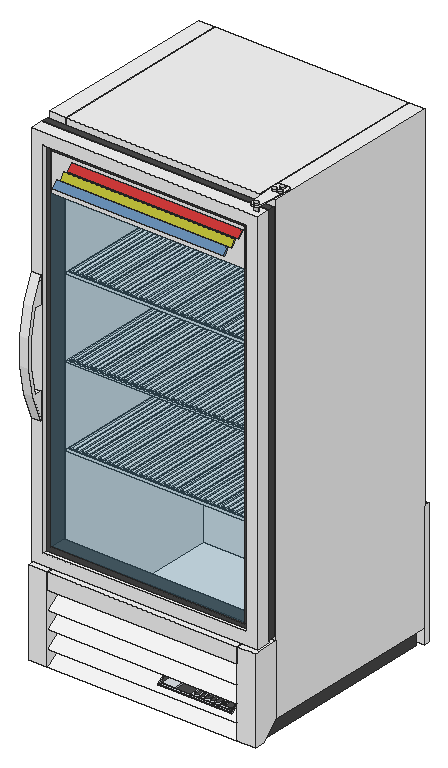
Revit family "QF_TRUE_GDM-10F-HC~TSL01", category Specialty Equipment, Revit 2016
Family settings
  Part Type = Normal
  Round Connector Dimension = Use Diameter
  Work Plane-Based = No
  Always vertical = Yes
  Cut with Voids When Loaded = No
  Shared = No
  Room Calculation Point = No
Parameters
  Weight in Pounds = 235
  Watts = Volts * FL Amps  # 517.5 W
  Volts = 115 V
  URL Cutsheet = ""
  Specification by User = ""
  Specification by Manufacturer = ""
  Show Logo [instance] = yes
  Show Default Legs [instance] = not(Show 2.5 Inches Legs)  # yes
  Show Clearance [instance] = yes
  Show 2.5 Inches Legs [instance] = no
  Serial Number = ""
  Seismic Rating = ""
  SMACNA No = ""
  Revision Code = ""
  Phase = 1
  Number of Poles = 1
  NAFEM Spec ID Number = ""
  Model = "GDM-10F-HC~TSL01"
  Min Ckt Ampacity = 0 A
  Max Overcurrent Protection = 0 A
  Materials and Finishes [instance] = QF_Plastic - White - Smooth
  Masterspec = ""
  Manufacturer = "TRUE"
  Length = 24 13/16"
  Item Number = ""
  Installed By = ""
  Identify Quantity as Lot = yes
  Height [instance] = Body Height + Base Height  # 53 3/8"
  HP = "1/2"
  Furnished By = ""
  Foodservice Equipment Identifier = yes
  FL Amps = 4.5 A
  Electrical Remarks = ""
  Electric Connection Type = ""
  Elec Conn RI Height = 0"
  Elec Conn Connection Height = 0"
  Description = "SWING DOOR FREEZER WITH HYDROCARBON REFRIGERANT-TRUE STANDARD LOOK VERSION 01"
  Depth = 25 1/32"
  Cycle = 60 Hz
  Conn Plug = "NEMA 5-15P"
  Conn Conduit = yes
  CSI MasterFormat = ""
  Body Height [instance] = 53 3/16"  # constant formula
  Base Height [instance] = if(Show 2.5 Inches Legs, 2 1/2", 3/16")  # 3/16"
  Apparent Power = 0 VA
Reference planes (in)
  plane 1 "BACK": y = 0
  plane 2: z = 0
  plane 3 "LEFT": x = 0
  plane 4 "RIGHT": x = 24.8125
  plane 5 "FRONT": y = -25.03125
  plane 6 "TOP": z = 53.375
  plane 7 "Center Y": x = 12.40625
  plane 8 "Center X": y = -12.51562
  plane 9: y = -0.53125
  plane 10: y = -23.40625
  plane 11: y = -25.09375
  plane 12: y = -46.625
  plane 13: z = 0.1875
Forms (in)
  Revolve 1, solid, material "QF_Plastic - Black - Smooth", visible <- "Show 2.5 Inches Legs"
    sketch origin (0, -1.625, 0) x (1, 0, 0) y (0, 0, 1)
      loop
        line (2, 0) -> (2, 2.5) -> (1.48188, 2.5) -> (1.48188, 0.1875) -> (1.22535, 0.1875) -> (1.22535, 0) -> (2, 0)
      axis (2, 0) -> (2, 2.5)
    angle from 0 to 360
  Revolve 2, solid, material "QF_Plastic - Black - Smooth", visible <- "Show 2.5 Inches Legs"
    sketch origin (20.8125, -1.625, 0) x (1, 0, 0) y (0, 0, 1)
      loop
        line (2, 0) -> (2, 2.5) -> (1.48188, 2.5) -> (1.48188, 0.1875) -> (1.22535, 0.1875) -> (1.22535, 0) -> (2, 0)
      axis (2, 0) -> (2, 2.5)
    angle from 0 to 360
  Revolve 3, solid, material "QF_Plastic - Black - Smooth", visible <- "Show 2.5 Inches Legs"
    sketch origin (0, -21.375, 0) x (1, 0, 0) y (0, 0, 1)
      loop
        line (2, 0) -> (2, 2.5) -> (1.48188, 2.5) -> (1.48188, 0.1875) -> (1.22535, 0.1875) -> (1.22535, 0) -> (2, 0)
      axis (2, 0) -> (2, 2.5)
    angle from 0 to 360
  Revolve 4, solid, material "QF_Plastic - Black - Smooth", visible <- "Show 2.5 Inches Legs"
    sketch origin (20.8125, -21.375, 0) x (1, 0, 0) y (0, 0, 1)
      loop
        line (2, 0) -> (2, 2.5) -> (1.48188, 2.5) -> (1.48188, 0.1875) -> (1.22535, 0.1875) -> (1.22535, 0) -> (2, 0)
      axis (2, 0) -> (2, 2.5)
    angle from 0 to 360
  Revolve 5, solid, material "QF_Plastic - Black - Smooth", visible <- "Show 2.5 Inches Legs", not visible
    sketch origin (0, -1.625, 0) x (1, 0, 0) y (0, 0, 1)
      loop
        line (2, 0) -> (2, 2.5) -> (1.48188, 2.5) -> (1.48188, 0.1875) -> (1.22535, 0.1875) -> (1.22535, 0) -> (2, 0)
      axis (2, 0) -> (2, 2.5)
    angle from 0 to 360
  Revolve 6, solid, material "QF_Plastic - Black - Smooth", visible <- "Show 2.5 Inches Legs", not visible
    sketch origin (20.8125, -1.625, 0) x (1, 0, 0) y (0, 0, 1)
      loop
        line (2, 0) -> (2, 2.5) -> (1.48188, 2.5) -> (1.48188, 0.1875) -> (1.22535, 0.1875) -> (1.22535, 0) -> (2, 0)
      axis (2, 0) -> (2, 2.5)
    angle from 0 to 360
  Revolve 7, solid, material "QF_Plastic - Black - Smooth", visible <- "Show 2.5 Inches Legs", not visible
    sketch origin (0, -21.375, 0) x (1, 0, 0) y (0, 0, 1)
      loop
        line (2, 0) -> (2, 2.5) -> (1.48188, 2.5) -> (1.48188, 0.1875) -> (1.22535, 0.1875) -> (1.22535, 0) -> (2, 0)
      axis (2, 0) -> (2, 2.5)
    angle from 0 to 360
  Revolve 8, solid, material "QF_Plastic - Black - Smooth", visible <- "Show 2.5 Inches Legs", not visible
    sketch origin (20.8125, -21.375, 0) x (1, 0, 0) y (0, 0, 1)
      loop
        line (2, 0) -> (2, 2.5) -> (1.48188, 2.5) -> (1.48188, 0.1875) -> (1.22535, 0.1875) -> (1.22535, 0) -> (2, 0)
      axis (2, 0) -> (2, 2.5)
    angle from 0 to 360
Dimensions and locks (in)
  equal spacing: plane 3 "LEFT", plane 7 "Center Y", plane 4 "RIGHT"
  "Length": plane 3 "LEFT" to plane 4 "RIGHT"
  equal spacing: plane 5 "FRONT", plane 8 "Center X", plane 1 "BACK"
  "Depth": plane 5 "FRONT" to plane 1 "BACK"
  "Body Height": plane 6 "TOP" to plane 13
  plane 4 "RIGHT" to plane 3 "LEFT" = 24 13/16"
  plane 9 to plane 1 "BACK" = 17/32"
  plane 10 to plane 9 = 22 7/8"
  plane 5 "FRONT" to plane 10 = 1 5/8"
  plane 5 "FRONT" to plane 1 "BACK" = 25 1/32"
  plane 12 to plane 1 "BACK" = 46 5/8"
  "Base Height": plane 13 to level
  aligned and locked: level to plane 2
  aligned and locked: nested 1 to plane 13
Automatic sketch dimensions
  Revolve 1 sketch curve to Revolve 1 sketch curve = 0.51812"
  Revolve 1 sketch curve to Revolve 1 sketch curve = 0"  (x2)
  Revolve 1 sketch curve to Revolve 1 sketch curve = 1.02446"
  Revolve 2 sketch curve to Revolve 2 sketch curve = 0.25653"
  Revolve 2 sketch curve to Revolve 2 sketch curve = 0.51812"
  Revolve 2 sketch curve to Revolve 2 sketch curve = 0"  (x2)
  Revolve 2 sketch curve to Revolve 2 sketch curve = 1.02446"
  Revolve 3 sketch curve to Revolve 3 sketch curve = 0.51812"
  Revolve 3 sketch curve to Revolve 3 sketch curve = 0"  (x2)
  Revolve 3 sketch curve to Revolve 3 sketch curve = 1.02446"
  Revolve 4 sketch curve to Revolve 4 sketch curve = 0.25653"
  Revolve 4 sketch curve to Revolve 4 sketch curve = 0.51812"
  Revolve 4 sketch curve to Revolve 4 sketch curve = 0"  (x2)
  Revolve 4 sketch curve to Revolve 4 sketch curve = 1.02446"
  Revolve 1 sketch curve to Revolve 1 sketch curve = 0.25653"
  Revolve 1 sketch curve to Revolve 1 sketch curve = 3/16"
  Revolve 1 sketch curve to Revolve 1 sketch curve = 2 5/16"
  Revolve 2 sketch curve to Revolve 2 sketch curve = 3/16"
  Revolve 2 sketch curve to Revolve 2 sketch curve = 2 5/16"
  Revolve 3 sketch curve to Revolve 3 sketch curve = 0.25653"
  Revolve 3 sketch curve to Revolve 3 sketch curve = 3/16"
  Revolve 3 sketch curve to Revolve 3 sketch curve = 2 5/16"
  Revolve 4 sketch curve to Revolve 4 sketch curve = 3/16"
  Revolve 4 sketch curve to Revolve 4 sketch curve = 2 5/16"
  Revolve 5 sketch curve to Revolve 5 sketch curve = 0.51812"
  Revolve 5 sketch curve to Revolve 5 sketch curve = 0"  (x2)
  Revolve 5 sketch curve to Revolve 5 sketch curve = 1.02446"
  Revolve 6 sketch curve to Revolve 6 sketch curve = 0.25653"
  Revolve 6 sketch curve to Revolve 6 sketch curve = 0.51812"
  Revolve 6 sketch curve to Revolve 6 sketch curve = 0"  (x2)
  Revolve 6 sketch curve to Revolve 6 sketch curve = 1.02446"
  Revolve 7 sketch curve to Revolve 7 sketch curve = 0.51812"
  Revolve 7 sketch curve to Revolve 7 sketch curve = 0"  (x2)
  Revolve 7 sketch curve to Revolve 7 sketch curve = 1.02446"
  Revolve 8 sketch curve to Revolve 8 sketch curve = 0.25653"
  Revolve 8 sketch curve to Revolve 8 sketch curve = 0.51812"
  Revolve 8 sketch curve to Revolve 8 sketch curve = 0"  (x2)
  Revolve 8 sketch curve to Revolve 8 sketch curve = 1.02446"
  Revolve 5 sketch curve to Revolve 5 sketch curve = 0.25653"
  Revolve 5 sketch curve to Revolve 5 sketch curve = 3/16"
  Revolve 5 sketch curve to Revolve 5 sketch curve = 2 5/16"
  Revolve 6 sketch curve to Revolve 6 sketch curve = 3/16"
  Revolve 6 sketch curve to Revolve 6 sketch curve = 2 5/16"
  Revolve 7 sketch curve to Revolve 7 sketch curve = 0.25653"
  Revolve 7 sketch curve to Revolve 7 sketch curve = 3/16"
  Revolve 7 sketch curve to Revolve 7 sketch curve = 2 5/16"
  Revolve 8 sketch curve to Revolve 8 sketch curve = 3/16"
  Revolve 8 sketch curve to Revolve 8 sketch curve = 2 5/16"
Nested families (in)
  nested 1: "GDM-10F-HC-TSL01" at (0, 0, 0), Show Clearance <- "Show Clearance", Show Default Legs <- "Show Default Legs", Show Logo <- "Show Logo", Materials and Finishes <- "Materials and Finishes", type "GDM-10F-HC-TSL01"
    with Show Logo yes, Show Default Legs yes, Show Clearance yes
Connectors (in)
  electrical at (12.40625, 0.125, 6.1875), driven by "Volts", driven by "Watts"
    settings: on nested 1, index 1, voltage 115 V, apparent load 517.5 VA, apparent load phase1 0 VA, apparent load phase2 0 VA, apparent load phase3 0 VA, power factor 1, load classification "Other", number of poles 1, system type 30, power factor state 1, is connector primary yes, connector utility no, sub classification motor no, connector description "ELECTRICAL CONNECTION"
Definition of nested family "GDM-10F-HC-TSL01"
  Parameters (values of type "GDM-10F-HC-TSL01")
    Weight in Pounds = 0
    Watts = 0 W
    Volts = 0 V
    URL Cutsheet = ""
    Specification by User = ""
    Specification by Manufacturer = ""
    Show Logo [instance] = yes
    Show Default Legs [instance] = yes
    Show Clearance [instance] = yes
    Serial Number = ""
    Seismic Rating = ""
    SMACNA No = ""
    Revision Code = ""
    Phase = 0
    Number of Poles = 1
    NAFEM Spec ID Number = ""
    Model = ""
    Min Ckt Ampacity = 0 A
    Max Overcurrent Protection = 0 A
    Materials and Finishes [instance] = none
    Masterspec = ""
    Manufacturer = ""
    Length = 24 13/16"
    Item Number = ""
    Installed By = ""
    Identify Quantity as Lot = yes
    Height = 53 3/8"
    HP = ""
    Furnished By = ""
    Foodservice Equipment Identifier = yes
    FL Amps = 0 A
    Electrical Remarks = ""
    Electric Connection Type = ""
    Elec Conn RI Height = 0"
    Elec Conn Connection Height = 0"
    Description = ""
    Depth = 25 1/32"
    Cycle = 0 Hz
    Conn Plug = ""
    Conn Conduit = yes
    CSI MasterFormat = ""
    Apparent Power = 0 VA
  Reference planes (in)
    plane 1 "BACK": y = 0
    plane 2: z = 0
    plane 3 "LEFT": x = 0
    plane 4 "RIGHT": x = 24.8125
    plane 5 "FRONT": y = -25.03125
    plane 6 "TOP": z = 53.375
    plane 7 "Center Y": x = 12.40625
    plane 8 "Center X": y = -12.51562
    plane 9: y = -0.53125
    plane 10: y = -23.40625
    plane 11: y = -25.09375
    plane 12: z = 10.5
    plane 13: z = 2.375
    plane 14: z = 10.5
    plane 15: y = -46.625
    plane 16: y = -46.625
    plane 17: z = 0.1875
  Forms (in)
    Extrusion 1, solid
      sketch origin (0.03125, -23.4375, 65.50979) x (0, 0, 1) y (1, 0, 0)
        loop
          line (-13.96984, 23.53125) -> (-54.00979, 23.53125) -> (-54.00979, 1.21875) -> (-13.96984, 1.21875) -> (-13.96984, 23.53125)
        loop
          line (-14.46984, 23.03125) -> (-53.50979, 23.03125) -> (-53.50979, 1.71875) -> (-14.46984, 1.71875) -> (-14.46984, 23.03125)
      from 2.25251 to 0.5
    Extrusion 2, solid, material <- "Materials and Finishes"
      sketch origin (0.03125, -23.4375, 65.50979) x (0, 0, 1) y (1, 0, 0)
        loop
          line (-55.25979, -0.03125) -> (-12.71984, -0.03125) -> (-12.71984, 24.78125) -> (-55.25979, 24.78125) -> (-55.25979, -0.03125)
        loop
          line (-13.96984, 23.53125) -> (-54.00979, 23.53125) -> (-54.00979, 1.21875) -> (-13.96984, 1.21875) -> (-13.96984, 23.53125)
      from 1.50251 to 0.03125
    Extrusion 3, solid
      sketch origin (0.03125, -23.4375, 65.50979) x (0, 0, 1) y (1, 0, 0)
        loop
          line (-13.96984, 23.53125) -> (-54.00979, 23.53125) -> (-54.00979, 1.21875) -> (-13.96984, 1.21875) -> (-13.96984, 23.53125)
        loop
          line (-13.71984, 23.78125) -> (-54.25979, 23.78125) -> (-54.25979, 0.96875) -> (-13.71984, 0.96875) -> (-13.71984, 23.78125)
      from 2.25251 to 2.5625
    Extrusion 4, solid, material <- "Materials and Finishes"
      sketch origin (0.03125, 2.9375, 12.89062) x (0, 1, 0) y (0, 0, 1)
        loop
          line (-3.46875, 39.39932) -> (-5.125, 39.39932) -> (-5.125, -9.51562) -> (-23.8125, -9.51562) -> (-23.8125, -10.51562) -> (-3.46875, -10.51562) -> (-3.46875, 39.39932)
      from 1.75 to 23
    Extrusion 5, solid, material <- "Materials and Finishes"
      sketch origin (0.03125, 2.9375, 12.89062) x (0, -1, 0) y (0, 0, 1)
        loop
          line (23.8125, 40.39932) -> (3.46875, 40.39932) -> (3.46875, -10.51562) -> (23.8125, -10.51562) -> (23.8125, 40.39932)
      from 0.03125 to -1.75
    Extrusion 6, solid, material <- "Materials and Finishes"
      sketch origin (0, -0.0625, -1.8125) x (0, 1, 0) y (0, 0, 1)
        loop
          line (-0.46875, 2.5) -> (0.0625, 2.5) -> (0.0625, 16.1875) -> (-0.46875, 16.1875) -> (-0.46875, 2.5)
      from 0 to 24.8125
    Extrusion 7, solid, material <- "Materials and Finishes"
      sketch origin (0, 0.46875, 0.375) x (0, 1, 0) y (0, 0, 1)
        loop
          line (-21.34375, 9.625) -> (-24.20354, 9.625) -> (-24.20354, 0.3125) -> (-23.03125, 0.3125) -> (-21.34375, 2) -> (-21.34375, 9.625)
      from 0 to 2
    Extrusion 8, solid
      sketch origin (0, 0.46875, 0.375) x (0, 1, 0) y (0, 0, 1)
        loop
          line (-23.03125, 0.3125) -> (-23.03125, -0.1875) -> (-1, -0.1875) -> (-1, 2) -> (-21.34375, 2) -> (-23.03125, 0.3125)
      from 0.98361 to 23.82889
    Extrusion 9, solid, material <- "Materials and Finishes"
      sketch origin (2, 0.46875, 0.375) x (0, 1, 0) y (0, 0, 1)
        loop
          line (-24.20354, 9.625) -> (-24.20354, 7.875) -> (-21.40384, 7.875) -> (-24.20354, 5.88192) -> (-23.74627, 5.88192) -> (-21.34375, 7.61566) -> (-21.34375, 9.625) -> (-24.20354, 9.625)
        loop
          line (-21.34375, 6.04694) -> (-24.20354, 4.01463) -> (-23.74627, 4.01463) -> (-21.34375, 5.74837) -> (-21.34375, 6.04694)
        loop
          line (-21.34375, 3.88108) -> (-21.34375, 4.17966) -> (-24.20354, 2.11927) -> (-23.78927, 2.11927) -> (-21.34375, 3.88108)
        loop
          line (-21.34375, 2.37289) -> (-24.20354, 0.3125) -> (-23.03125, 0.3125) -> (-21.34375, 2) -> (-21.34375, 2.37289)
      from 0 to 20.8125
    Extrusion 10, solid
      sketch origin (0.03125, -22.9375, 65.50979) x (0, 0, -1) y (1, 0, 0)
        loop
          line (14.12609, 1.71875) -> (53.50979, 1.71875) -> (53.50979, 23.03125) -> (14.12609, 23.03125) -> (14.12609, 1.71875)
      from 0 to -0.125
    Extrusion 11, solid, visible <- "Show Clearance", detail levels coarse
      sketch origin (23.15625, -23.4375, 10.5) x (0, -1, 0) y (-1, 0, 0)
        loop
          line (-0.03125, -1.65625) -> (23.1875, -1.65625)
          arc (23.1875, -1.65625) -> (16.70099, 15.54381) -> (-0.03125, 23.15625) r 24.08186
          line (-0.03125, 23.15625) -> (-0.03125, -1.65625)
      from 0.25 to -42.28994
    Extrusion 12, solid, material <- "Materials and Finishes"
      sketch origin (24.78125, 2.9375, 12.89062) x (0, -1, 0) y (0, 0, -1)
        loop
          line (23.8125, -40.39932) -> (23.8125, 10.51562) -> (3.46875, 10.51562) -> (3.46875, -40.39932) -> (23.8125, -40.39932)
      from 0.03125 to -1.75
    Extrusion 13, solid
      sketch origin (0.03125, -21.96624, 65.50979) x (0, 0, 1) y (1, 0, 0)
        loop
          line (-55.00979, -0.03125) -> (-12.71984, -0.03125) -> (-12.71984, 24.78125) -> (-55.00979, 24.78125) -> (-55.00979, -0.03125)
        loop
          line (-13.96984, 23.53125) -> (-53.75979, 23.53125) -> (-53.75979, 1.21875) -> (-13.96984, 1.21875) -> (-13.96984, 23.53125)
      from 0.78125 to 0.03125
    Extrusion 14, solid, material <- "Materials and Finishes"
      sketch origin (24.8125, 0.46875, 0.375) x (0, 1, 0) y (0, 0, -1)
        loop
          line (-21.34375, -9.625) -> (-21.34375, -2) -> (-23.03125, -0.3125) -> (-24.20354, -0.3125) -> (-24.20354, -9.625) -> (-21.34375, -9.625)
      from 0 to 2
    Extrusion 15, solid
      sketch origin (0.35938, 0, 0) x (1, 0, 0) y (0, 1, 0)
        loop
          circle (23.55974, -22.48479) r 0.25
      from 10 to 53.44619
    Revolve 16, solid, visible <- "Show Default Legs"
      sketch origin (2, 0.46875, 0) x (0, 1, 0) y (0, 0, 1)
        loop
          line (-21.84375, 0) -> (-21.84375, 0.1875) -> (-22.6184, 0.1875) -> (-22.6184, 0) -> (-21.84375, 0)
        axis (-21.84375, 0) -> (-21.84375, 0.1875)
      angle from 0 to 360
    Revolve 17, solid, visible <- "Show Default Legs"
      sketch origin (2, 20.21875, 0) x (0, 1, 0) y (0, 0, 1)
        loop
          line (-21.84375, 0) -> (-21.84375, 0.1875) -> (-22.6184, 0.1875) -> (-22.6184, 0) -> (-21.84375, 0)
        axis (-21.84375, 0) -> (-21.84375, 0.1875)
      angle from 0 to 360
    Revolve 18, solid, visible <- "Show Default Legs"
      sketch origin (22.8125, 0.46875, 0) x (0, 1, 0) y (0, 0, -1)
        loop
          line (-21.84375, 0) -> (-22.6184, 0) -> (-22.6184, -0.1875) -> (-21.84375, -0.1875) -> (-21.84375, 0)
        axis (-21.84375, 0) -> (-21.84375, -0.1875)
      angle from 0 to 360
    Revolve 19, solid, visible <- "Show Default Legs"
      sketch origin (22.8125, 20.21875, 0) x (0, 1, 0) y (0, 0, -1)
        loop
          line (-21.84375, 0) -> (-22.6184, 0) -> (-22.6184, -0.1875) -> (-21.84375, -0.1875) -> (-21.84375, 0)
        axis (-21.84375, 0) -> (-21.84375, -0.1875)
      angle from 0 to 360
    Extrusion 20, solid, not visible
      sketch origin (-6.9261, -177.0625, 34.29306) x (-1, 0, 0) y (0, -1, 0)
        loop
          line (-8.70735, -174.875) -> (-8.70735, -156.1875) -> (-29.95735, -156.1875) -> (-29.95735, -174.875) -> (-8.70735, -174.875)
        loop
          line (-8.95735, -174.625) -> (-8.95735, -156.375) -> (-29.70735, -156.375) -> (-29.70735, -174.625) -> (-8.95735, -174.625)
      from 0 to 0.25
    Extrusion 21, solid, not visible
      sketch origin (0.23437, 2.9375, 7.80869) x (1, 0, 0) y (0, 0, 1)
        loop
          circle (10.17187, 26.73438) r 0.125
        loop
          circle (9.67187, 26.73438) r 0.125
        loop
          circle (9.17187, 26.73438) r 0.125
        loop
          circle (8.67187, 26.73438) r 0.125
        loop
          circle (8.17187, 26.73438) r 0.125
        loop
          circle (7.67187, 26.73438) r 0.125
        loop
          circle (7.17187, 26.73438) r 0.125
        loop
          circle (6.67187, 26.73438) r 0.125
        loop
          circle (6.17187, 26.73438) r 0.125
        loop
          circle (5.67187, 26.73438) r 0.125
        loop
          circle (5.17187, 26.73438) r 0.125
        loop
          circle (4.67187, 26.73438) r 0.125
        loop
          circle (4.17187, 26.73438) r 0.125
        loop
          circle (3.67187, 26.73438) r 0.125
        loop
          circle (3.17187, 26.73438) r 0.125
        loop
          circle (2.67187, 26.73438) r 0.125
        loop
          circle (2.17187, 26.73438) r 0.125
        loop
          circle (10.67187, 26.73438) r 0.125
        loop
          circle (11.17187, 26.73438) r 0.125
        loop
          circle (11.67187, 26.73438) r 0.125
        loop
          circle (12.17188, 26.73438) r 0.125
        loop
          circle (14.17188, 26.73438) r 0.125
        loop
          circle (14.67188, 26.73438) r 0.125
        loop
          circle (15.17188, 26.73438) r 0.125
        loop
          circle (15.67188, 26.73438) r 0.125
        loop
          circle (16.17188, 26.73438) r 0.125
        loop
          circle (16.67188, 26.73438) r 0.125
        loop
          circle (17.17188, 26.73438) r 0.125
        loop
          circle (17.67188, 26.73438) r 0.125
        loop
          circle (18.17188, 26.73438) r 0.125
        loop
          circle (18.67188, 26.73438) r 0.125
        loop
          circle (19.17188, 26.73438) r 0.125
        loop
          circle (19.67188, 26.73438) r 0.125
        loop
          circle (20.17188, 26.73438) r 0.125
        loop
          circle (20.67188, 26.73438) r 0.125
        loop
          circle (21.17188, 26.73438) r 0.125
        loop
          circle (21.67188, 26.73438) r 0.125
        loop
          circle (22.17188, 26.73438) r 0.125
        loop
          circle (13.67188, 26.73438) r 0.125
        loop
          circle (13.17188, 26.73438) r 0.125
        loop
          circle (12.67188, 26.73438) r 0.125
      from 5.125 to 23.625
    Extrusion 22, solid, material <- "Materials and Finishes"
      sketch origin (4.31688, 2.875, 17.80556) x (1, 0, 0) y (0, 1, 0)
        loop
          arc (19.40165, -21.39984) -> (19.03744, -21.55726) -> (18.90258, -21.93042) r 0.5
          line (18.90258, -21.93042) -> (19.11273, -25.35979)
          arc (19.11273, -25.35979) -> (19.6118, -25.82921) -> (20.11086, -25.35979) r 0.5
          line (20.11086, -25.35979) -> (20.32101, -21.93042)
          arc (20.32101, -21.93042) -> (20.18615, -21.55726) -> (19.82195, -21.39984) r 0.5
          line (19.82195, -21.39984) -> (19.40165, -21.39984)
      from 35.48438 to 35.56944
    Extrusion 23, solid
      sketch origin (4.30731, 2.875, 17.80556) x (1, 0, 0) y (0, 1, 0)
        loop
          circle (19.6118, -21.78078) r 0.25
        loop
          circle (19.30218, -22.51019) r 0.25
        loop
          circle (19.92141, -22.51019) r 0.25
      from 35.48438 to 35.64063
    Extrusion 24, solid
      sketch origin (0.75, -20.8125, -26.58506) x (-1, 0, 0) y (0, 0, 1)
        loop
          line (-1, 77.625) -> (-22.3125, 77.625) -> (-22.3125, 73.375) -> (-1, 73.375) -> (-1, 77.625)
      from -0.37249 to -2.125
    Extrusion 25, solid
      sketch origin (0.75, -22.9375, -25.33506) x (1, 0, 0) y (0, 0, 1)
        loop
          line (2.10165, 73.75) -> (20.84375, 73.75) -> (21.22761, 74.75) -> (2.48552, 74.75) -> (2.10165, 73.75)
      from 0 to 0.03125
    Extrusion 26, solid
      sketch origin (0.75, -22.9375, -26.33506) x (1, 0, 0) y (0, 0, 1)
        loop
          line (3.30123, 76.875) -> (2.91736, 75.875) -> (21.64348, 75.875) -> (22.02734, 76.875) -> (3.30123, 76.875)
      from 0 to 0.03125
    Extrusion 27, solid
      sketch origin (0.75, -22.9375, -24.33506) x (1, 0, 0) y (0, 0, 1)
        loop
          line (1.28594, 71.625) -> (20.02239, 71.625) -> (20.40625, 72.625) -> (1.66981, 72.625) -> (1.28594, 71.625)
      from 0 to 0.03125
    Extrusion 28, solid, material <- "Materials and Finishes"
      sketch origin (20.40625, -69.74366, 53.28994) x (0, 1, 0) y (-1, 0, 0)
        loop
          line (69.21241, -2.625) -> (69.21241, 18.625) -> (48.86866, 18.625) -> (48.86866, -2.625) -> (69.21241, -2.625)
      from 0 to -1
    Extrusion 29, solid
      sketch origin (-6.9261, -177.0625, 37.9675) x (-1, 0, 0) y (0, -1, 0)
        loop
          line (-8.70735, -174.875) -> (-8.70735, -156.1875) -> (-29.95735, -156.1875) -> (-29.95735, -174.875) -> (-8.70735, -174.875)
        loop
          line (-8.95735, -174.625) -> (-8.95735, -156.375) -> (-29.70735, -156.375) -> (-29.70735, -174.625) -> (-8.95735, -174.625)
      from 0 to 0.25
    Extrusion 30, solid
      sketch origin (0.23437, 2.9375, 11.48312) x (1, 0, 0) y (0, 0, 1)
        loop
          circle (10.17187, 26.73438) r 0.125
        loop
          circle (9.67187, 26.73438) r 0.125
        loop
          circle (9.17187, 26.73438) r 0.125
        loop
          circle (8.67187, 26.73438) r 0.125
        loop
          circle (8.17187, 26.73438) r 0.125
        loop
          circle (7.67187, 26.73438) r 0.125
        loop
          circle (7.17187, 26.73438) r 0.125
        loop
          circle (6.67187, 26.73438) r 0.125
        loop
          circle (6.17187, 26.73438) r 0.125
        loop
          circle (5.67187, 26.73438) r 0.125
        loop
          circle (5.17187, 26.73438) r 0.125
        loop
          circle (4.67187, 26.73438) r 0.125
        loop
          circle (4.17187, 26.73438) r 0.125
        loop
          circle (3.67187, 26.73438) r 0.125
        loop
          circle (3.17187, 26.73438) r 0.125
        loop
          circle (2.67187, 26.73438) r 0.125
        loop
          circle (2.17187, 26.73438) r 0.125
        loop
          circle (10.67187, 26.73438) r 0.125
        loop
          circle (11.17187, 26.73438) r 0.125
        loop
          circle (11.67187, 26.73438) r 0.125
        loop
          circle (12.17188, 26.73438) r 0.125
        loop
          circle (14.17188, 26.73438) r 0.125
        loop
          circle (14.67188, 26.73438) r 0.125
        loop
          circle (15.17188, 26.73438) r 0.125
        loop
          circle (15.67188, 26.73438) r 0.125
        loop
          circle (16.17188, 26.73438) r 0.125
        loop
          circle (16.67188, 26.73438) r 0.125
        loop
          circle (17.17188, 26.73438) r 0.125
        loop
          circle (17.67188, 26.73438) r 0.125
        loop
          circle (18.17188, 26.73438) r 0.125
        loop
          circle (18.67188, 26.73438) r 0.125
        loop
          circle (19.17188, 26.73438) r 0.125
        loop
          circle (19.67188, 26.73438) r 0.125
        loop
          circle (20.17188, 26.73438) r 0.125
        loop
          circle (20.67188, 26.73438) r 0.125
        loop
          circle (21.17188, 26.73438) r 0.125
        loop
          circle (21.67188, 26.73438) r 0.125
        loop
          circle (22.17188, 26.73438) r 0.125
        loop
          circle (13.67188, 26.73438) r 0.125
        loop
          circle (13.17188, 26.73438) r 0.125
        loop
          circle (12.67188, 26.73438) r 0.125
      from 5.125 to 23.625
    Extrusion 31, solid
      sketch origin (-6.9261, -177.0625, 29.27) x (-1, 0, 0) y (0, -1, 0)
        loop
          line (-8.70735, -174.875) -> (-8.70735, -156.1875) -> (-29.95735, -156.1875) -> (-29.95735, -174.875) -> (-8.70735, -174.875)
        loop
          line (-8.95735, -174.625) -> (-8.95735, -156.375) -> (-29.70735, -156.375) -> (-29.70735, -174.625) -> (-8.95735, -174.625)
      from 0 to 0.25
    Extrusion 32, solid
      sketch origin (0.23437, 2.9375, 2.78562) x (1, 0, 0) y (0, 0, 1)
        loop
          circle (10.17187, 26.73438) r 0.125
        loop
          circle (9.67187, 26.73438) r 0.125
        loop
          circle (9.17187, 26.73438) r 0.125
        loop
          circle (8.67187, 26.73438) r 0.125
        loop
          circle (8.17187, 26.73438) r 0.125
        loop
          circle (7.67187, 26.73438) r 0.125
        loop
          circle (7.17187, 26.73438) r 0.125
        loop
          circle (6.67187, 26.73438) r 0.125
        loop
          circle (6.17187, 26.73438) r 0.125
        loop
          circle (5.67187, 26.73438) r 0.125
        loop
          circle (5.17187, 26.73438) r 0.125
        loop
          circle (4.67187, 26.73438) r 0.125
        loop
          circle (4.17187, 26.73438) r 0.125
        loop
          circle (3.67187, 26.73438) r 0.125
        loop
          circle (3.17187, 26.73438) r 0.125
        loop
          circle (2.67187, 26.73438) r 0.125
        loop
          circle (2.17187, 26.73438) r 0.125
        loop
          circle (10.67187, 26.73438) r 0.125
        loop
          circle (11.17187, 26.73438) r 0.125
        loop
          circle (11.67187, 26.73438) r 0.125
        loop
          circle (12.17188, 26.73438) r 0.125
        loop
          circle (14.17188, 26.73438) r 0.125
        loop
          circle (14.67188, 26.73438) r 0.125
        loop
          circle (15.17188, 26.73438) r 0.125
        loop
          circle (15.67188, 26.73438) r 0.125
        loop
          circle (16.17188, 26.73438) r 0.125
        loop
          circle (16.67188, 26.73438) r 0.125
        loop
          circle (17.17188, 26.73438) r 0.125
        loop
          circle (17.67188, 26.73438) r 0.125
        loop
          circle (18.17188, 26.73438) r 0.125
        loop
          circle (18.67188, 26.73438) r 0.125
        loop
          circle (19.17188, 26.73438) r 0.125
        loop
          circle (19.67188, 26.73438) r 0.125
        loop
          circle (20.17188, 26.73438) r 0.125
        loop
          circle (20.67188, 26.73438) r 0.125
        loop
          circle (21.17188, 26.73438) r 0.125
        loop
          circle (21.67188, 26.73438) r 0.125
        loop
          circle (22.17188, 26.73438) r 0.125
        loop
          circle (13.67188, 26.73438) r 0.125
        loop
          circle (13.17188, 26.73438) r 0.125
        loop
          circle (12.67188, 26.73438) r 0.125
      from 5.125 to 23.625
    Extrusion 33, solid
      sketch origin (-6.9261, -177.0625, 20.5725) x (-1, 0, 0) y (0, -1, 0)
        loop
          line (-8.70735, -174.875) -> (-8.70735, -156.1875) -> (-29.95735, -156.1875) -> (-29.95735, -174.875) -> (-8.70735, -174.875)
        loop
          line (-8.95735, -174.625) -> (-8.95735, -156.375) -> (-29.70735, -156.375) -> (-29.70735, -174.625) -> (-8.95735, -174.625)
      from 0 to 0.25
    Extrusion 34, solid
      sketch origin (0.23437, 2.9375, -5.91188) x (1, 0, 0) y (0, 0, 1)
        loop
          circle (10.17187, 26.73438) r 0.125
        loop
          circle (9.67187, 26.73438) r 0.125
        loop
          circle (9.17187, 26.73438) r 0.125
        loop
          circle (8.67187, 26.73438) r 0.125
        loop
          circle (8.17187, 26.73438) r 0.125
        loop
          circle (7.67187, 26.73438) r 0.125
        loop
          circle (7.17187, 26.73438) r 0.125
        loop
          circle (6.67187, 26.73438) r 0.125
        loop
          circle (6.17187, 26.73438) r 0.125
        loop
          circle (5.67187, 26.73438) r 0.125
        loop
          circle (5.17187, 26.73438) r 0.125
        loop
          circle (4.67187, 26.73438) r 0.125
        loop
          circle (4.17187, 26.73438) r 0.125
        loop
          circle (3.67187, 26.73438) r 0.125
        loop
          circle (3.17187, 26.73438) r 0.125
        loop
          circle (2.67187, 26.73438) r 0.125
        loop
          circle (2.17187, 26.73438) r 0.125
        loop
          circle (10.67187, 26.73438) r 0.125
        loop
          circle (11.17187, 26.73438) r 0.125
        loop
          circle (11.67187, 26.73438) r 0.125
        loop
          circle (12.17188, 26.73438) r 0.125
        loop
          circle (14.17188, 26.73438) r 0.125
        loop
          circle (14.67188, 26.73438) r 0.125
        loop
          circle (15.17188, 26.73438) r 0.125
        loop
          circle (15.67188, 26.73438) r 0.125
        loop
          circle (16.17188, 26.73438) r 0.125
        loop
          circle (16.67188, 26.73438) r 0.125
        loop
          circle (17.17188, 26.73438) r 0.125
        loop
          circle (17.67188, 26.73438) r 0.125
        loop
          circle (18.17188, 26.73438) r 0.125
        loop
          circle (18.67188, 26.73438) r 0.125
        loop
          circle (19.17188, 26.73438) r 0.125
        loop
          circle (19.67188, 26.73438) r 0.125
        loop
          circle (20.17188, 26.73438) r 0.125
        loop
          circle (20.67188, 26.73438) r 0.125
        loop
          circle (21.17188, 26.73438) r 0.125
        loop
          circle (21.67188, 26.73438) r 0.125
        loop
          circle (22.17188, 26.73438) r 0.125
        loop
          circle (13.67188, 26.73438) r 0.125
        loop
          circle (13.17188, 26.73438) r 0.125
        loop
          circle (12.67188, 26.73438) r 0.125
      from 5.125 to 23.625
    Extrusion 35, solid, material <- "Materials and Finishes"
      sketch origin (0.375, 2.875, 14.42634) x (0, 1, 0) y (0, 0, 1)
        loop
          arc (-26.28125, 24.2861) -> (-27.90626, 17.09363) -> (-26.28125, 9.90116) r 16.72986
          line (-26.28125, 9.90116) -> (-26.28125, 12.85144) -> (-27.1009, 12.85144)
          arc (-27.1009, 12.85144) -> (-27.65626, 17.09363) -> (-27.1009, 21.33582) r 16.47986
          line (-27.1009, 21.33582) -> (-26.28125, 21.33582) -> (-26.28125, 24.2861)
      from -0.375 to 0.625
    Extrusion 36, solid, material <- "Materials and Finishes"
      sketch origin (0, 0, 0) x (1, 0, 0) y (0, 0, 1)
        loop
          circle (12.40625, 6.1875) r 0.25
      from 0 to -0.125
  Lines and regions (in)
    symbolic lines
      curve 1: line (0, 0, 0) -> (24.8125, 0, 0)
      curve 2: line (0, -25.03126, 0) -> (0, 0, 0)
      curve 3: line (24.8125, -23.40625, 0) -> (0, -23.40625, 0)
      curve 4: line (24.8125, 0, 0) -> (24.8125, -23.73479, 0)
      curve 5: line (24.8125, -21.93499, 0) -> (24.46144, -21.93499, 0)
      curve 6: line (24.8125, -21.18499, 0) -> (24.5074, -21.18499, 0)
      curve 7: line (0, -20.875, 0) -> (23.33097, -20.875, 0)
      curve 8: line (1.78125, -0.53125, 0) -> (1.78125, -20.875, 0)
      curve 9: line (23.03125, -20.875, 0) -> (23.03125, -0.53125, 0)
      curve 10: line (24.13883, -18.52484, 0) -> (23.71853, -18.52484, 0)
      curve 11: arc (23.71853, -18.52484, 0) -> (23.35432, -18.68226, 0) -> (23.21947, -19.05542, 0) r 0.5
      curve 12: line (23.21947, -19.05542, 0) -> (23.42962, -22.48479, 0)
      curve 13: arc (23.42962, -22.48479, 0) -> (23.92868, -22.95421, 0) -> (24.42775, -22.48479, 0) r 0.5
      curve 14: line (24.42775, -22.48479, 0) -> (24.6379, -19.05542, 0)
      curve 15: arc (24.6379, -19.05542, 0) -> (24.50304, -18.68226, 0) -> (24.13883, -18.52484, 0) r 0.5
      curve 16: arc (24.16911, -22.48479, 0) -> (23.91911, -22.23479, 0) -> (23.66911, -22.48479, 0) r 0.25
      curve 17: arc (23.66911, -22.48479, 0) -> (23.91911, -22.73479, 0) -> (24.16911, -22.48479, 0) r 0.25
      curve 18: arc (23.3595, -19.63519, 0) -> (23.6095, -19.88519, 0) -> (23.8595, -19.63519, 0) r 0.25
      curve 19: arc (23.8595, -19.63519, 0) -> (23.6095, -19.38519, 0) -> (23.3595, -19.63519, 0) r 0.25
      curve 20: arc (23.97873, -19.63519, 0) -> (24.22873, -19.88519, 0) -> (24.47873, -19.63519, 0) r 0.25
      curve 21: arc (24.47873, -19.63519, 0) -> (24.22873, -19.38519, 0) -> (23.97873, -19.63519, 0) r 0.25
      curve 22: arc (23.66911, -18.90578, 0) -> (23.91911, -19.15578, 0) -> (24.16911, -18.90578, 0) r 0.25
      curve 23: arc (24.16911, -18.90578, 0) -> (23.91911, -18.65578, 0) -> (23.66911, -18.90578, 0) r 0.25
      curve 24: line (24.52639, -20.875, 0) -> (24.8125, -20.875, 0)
      curve 25: line (23.34997, -21.18499, 0) -> (0, -21.18499, 0)
      curve 26: line (23.39593, -21.93499, 0) -> (0, -21.93499, 0)
      curve 27: line (24.8125, -23.40625, 0) -> (3.78864, -35.54438, 0)
      curve 28: arc (3.78864, -35.54438, 0) -> (1.07871, -29.72989, 0) -> (0, -23.40625, 0) r 24.08186
      curve 29: line (0, -25.03126, 0) -> (1, -25.03126, 0)
      curve 30: line (1, -25.03126, 0) -> (1, -23.40625, 0)
      curve 31: line (1, -23.73479, 0) -> (24.8125, -23.73479, 0)
      curve 32: line (0, -0.53125, 0) -> (24.8125, -0.53125, 0)
  Dimensions and locks (in)
    equal spacing: plane 3 "LEFT", plane 7 "Center Y", plane 4 "RIGHT"
    "Length": plane 3 "LEFT" to plane 4 "RIGHT"
    equal spacing: plane 5 "FRONT", plane 8 "Center X", plane 1 "BACK"
    "Depth": plane 5 "FRONT" to plane 1 "BACK"
    "Height": plane 6 "TOP" to level
    plane 4 "RIGHT" to plane 3 "LEFT" = 24 13/16"
    plane 9 to plane 1 "BACK" = 17/32"
    plane 10 to plane 9 = 22 7/8"
    plane 5 "FRONT" to plane 10 = 1 5/8"
    plane 5 "FRONT" to plane 1 "BACK" = 25 1/32"
    plane 1 "BACK" to plane 15 = 46 5/8"
    plane 16 to plane 1 "BACK" = 46 5/8"
    plane 17 to level = 3/16"
    equal spacing: Extrusion 9, Extrusion 36 sketch curve, Extrusion 8
    aligned and locked: level to plane 2
  Automatic sketch dimensions
    Extrusion 20 sketch curve to Extrusion 20 sketch curve = 20 3/4"
    Extrusion 20 sketch curve to Extrusion 20 sketch curve = 1/4"  (x3)
    Extrusion 20 sketch curve to Extrusion 20 sketch curve = 18 1/4"
    Extrusion 20 sketch curve to Extrusion 20 sketch curve = 3/16"
    Extrusion 29 sketch curve to Extrusion 29 sketch curve = 20 3/4"
    Extrusion 29 sketch curve to Extrusion 29 sketch curve = 1/4"  (x3)
    Extrusion 29 sketch curve to Extrusion 29 sketch curve = 18 1/4"
    Extrusion 29 sketch curve to Extrusion 29 sketch curve = 3/16"
    Extrusion 30 sketch curve to Extrusion 30 sketch curve = 1/2"  (x40)
    Extrusion 30 sketch curve to Extrusion 30 sketch curve = 0"  (x40)
    Extrusion 31 sketch curve to Extrusion 31 sketch curve = 20 3/4"
    Extrusion 31 sketch curve to Extrusion 31 sketch curve = 1/4"  (x3)
    Extrusion 31 sketch curve to Extrusion 31 sketch curve = 18 1/4"
    Extrusion 31 sketch curve to Extrusion 31 sketch curve = 3/16"
    Extrusion 32 sketch curve to Extrusion 32 sketch curve = 1/2"  (x40)
    Extrusion 32 sketch curve to Extrusion 32 sketch curve = 0"  (x40)
    Extrusion 33 sketch curve to Extrusion 33 sketch curve = 20 3/4"
    Extrusion 33 sketch curve to Extrusion 33 sketch curve = 1/4"  (x3)
    Extrusion 33 sketch curve to Extrusion 33 sketch curve = 18 1/4"
    Extrusion 33 sketch curve to Extrusion 33 sketch curve = 3/16"
    Extrusion 34 sketch curve to Extrusion 34 sketch curve = 1/2"  (x40)
    Extrusion 34 sketch curve to Extrusion 34 sketch curve = 0"  (x40)
    curve 16 to curve 17 = 0"  (x2)
    curve 18 to curve 19 = 0"  (x2)
    curve 20 to curve 21 = 0"  (x2)
    curve 22 to curve 23 = 0"  (x2)
    plane 1 "BACK" to curve 1 = 0"
    curve 1 to plane 3 "LEFT" = 0"
    curve 30 to plane 10 = 0"
    curve 8 to plane 9 = 0"
    curve 6 to plane 4 "RIGHT" = 0"
    plane 5 "FRONT" to curve 30 = 0"
    plane 3 "LEFT" to curve 30 = 1"
    plane 3 "LEFT" to curve 27 = 3.78864"
    plane 4 "RIGHT" to curve 12 = 1.59303"
    plane 10 to curve 12 = 0.92146"
    plane 4 "RIGHT" to curve 12 = 1.38288"
    curve 12 to curve 19 = 0.39003"
    curve 12 to curve 11 = 0.49906"
    curve 11 to curve 23 = 0.20058"
    curve 12 to curve 16 = 0.48949"
    curve 17 to curve 13 = 0.00957"
    curve 16 to curve 28 = 0.14769"
    curve 22 to curve 15 = 0.21972"
    plane 4 "RIGHT" to curve 21 = 0.58377"
    curve 28 to curve 14 = 0.36094"
    plane 4 "RIGHT" to curve 14 = 0.1746"
    plane 5 "FRONT" to curve 27 = 10.51313"
    curve 31 to plane 10 = 0.32854"
    curve 28 to curve 17 = 0.06989"
    curve 17 to curve 13 = 0.03058"
    curve 13 to curve 19 = 2.81903"
    curve 19 to curve 20 = 0"
    curve 18 to curve 12 = 0.57977"
    curve 21 to curve 14 = 0.57977"
    curve 14 to curve 15 = 0.03058"
    curve 11 to curve 22 = 0.11906"
    curve 32 to curve 8 = 1 25/32"
    curve 9 to curve 32 = 1 25/32"
    curve 9 to curve 7 = 0.29972"
    curve 7 to curve 25 = 0.019"
    curve 19 to curve 18 = 1/4"
    curve 26 to curve 13 = 0.03369"
    curve 23 to curve 11 = 0.04942"
    curve 12 to curve 17 = 0.23949"
    curve 19 to curve 20 = 0.11923"
    plane 4 "RIGHT" to curve 5 = 0.35106"
    curve 6 to curve 6 = 0.3051"
    curve 24 to curve 24 = 0.28611"
    plane 4 "RIGHT" to Extrusion 1 sketch curve = 1 1/4"
    plane 17 to Extrusion 1 sketch curve = 11 5/16"
    Extrusion 1 sketch curve to Extrusion 1 sketch curve = 1/2"  (x4)
    Extrusion 1 sketch curve to plane 6 "TOP" = 2.33506"
    plane 3 "LEFT" to Extrusion 1 sketch curve = 1 3/4"
    Extrusion 2 sketch curve to plane 3 "LEFT" = 0"
    plane 4 "RIGHT" to Extrusion 2 sketch curve = 0"
    Extrusion 2 sketch curve to plane 12 = 1/4"
    plane 12 to Extrusion 2 sketch curve = 1"
    Extrusion 2 sketch curve to plane 6 "TOP" = 1.83506"
    Extrusion 2 sketch curve to plane 6 "TOP" = 0.58506"
    plane 3 "LEFT" to Extrusion 2 sketch curve = 1 1/4"
    plane 4 "RIGHT" to Extrusion 2 sketch curve = 1 1/4"
    plane 3 "LEFT" to Extrusion 3 sketch curve = 1"
    plane 17 to Extrusion 3 sketch curve = 11 1/16"
    Extrusion 3 sketch curve to Extrusion 3 sketch curve = 1/4"  (x4)
    Extrusion 3 sketch curve to plane 6 "TOP" = 1.83506"
    plane 4 "RIGHT" to Extrusion 3 sketch curve = 1 1/4"
    Extrusion 4 sketch curve to plane 13 = 0"
    Extrusion 4 sketch curve to plane 9 = 0"
    Extrusion 4 sketch curve to Extrusion 4 sketch curve = 1 21/32"
    plane 13 to Extrusion 4 sketch curve = 1"
    plane 10 to Extrusion 4 sketch curve = 2 17/32"
    Extrusion 4 sketch curve to plane 6 "TOP" = 1.08506"
    Extrusion 5 sketch curve to plane 9 = 0"
    plane 10 to Extrusion 5 sketch curve = 2 17/32"
    plane 17 to Extrusion 5 sketch curve = 2 3/16"
    Extrusion 5 sketch curve to plane 6 "TOP" = 0.08506"
    Extrusion 6 sketch curve to plane 9 = 0"
    Extrusion 6 sketch curve to plane 1 "BACK" = 0"
    plane 17 to Extrusion 6 sketch curve = 1/2"
    Extrusion 6 sketch curve to Extrusion 6 sketch curve = 13 11/16"
    Extrusion 7 sketch curve to plane 10 = 0.32854"
    plane 10 to Extrusion 7 sketch curve = 27/32"
    Extrusion 7 sketch curve to Extrusion 7 sketch curve = 1 11/16"
    plane 17 to Extrusion 7 sketch curve = 1/2"
    plane 17 to Extrusion 7 sketch curve = 2 3/16"
    Extrusion 7 sketch curve to Extrusion 7 sketch curve = 7 5/8"
    Extrusion 8 sketch curve to plane 17 = 0"
    Extrusion 8 sketch curve to plane 9 = 0"
    plane 10 to Extrusion 8 sketch curve = 2 17/32"
    plane 10 to Extrusion 8 sketch curve = 27/32"
    plane 17 to Extrusion 8 sketch curve = 1/2"
    plane 17 to Extrusion 8 sketch curve = 2 3/16"
    Extrusion 9 sketch curve to Extrusion 7 = 0"  (x11)
    Extrusion 7 to Extrusion 9 sketch curve = 0"  (x2)
    Extrusion 9 sketch curve to Extrusion 9 sketch curve = 0.41427"
    Extrusion 9 sketch curve to Extrusion 9 sketch curve = 0.45727"  (x2)
    Extrusion 9 sketch curve to Extrusion 7 = 0.06009"
    Extrusion 9 sketch curve to Extrusion 7 = 1.80677"
    Extrusion 9 sketch curve to Extrusion 9 sketch curve = 0.37289"
    Extrusion 9 sketch curve to Extrusion 9 sketch curve = 1.5082"
    Extrusion 9 sketch curve to Extrusion 9 sketch curve = 1.89536"
    Extrusion 9 sketch curve to Extrusion 9 sketch curve = 0.29857"  (x2)
    Extrusion 9 sketch curve to Extrusion 9 sketch curve = 1.56871"  (x2)
    Extrusion 9 sketch curve to Extrusion 9 sketch curve = 1.86729"
    Extrusion 9 sketch curve to Extrusion 9 sketch curve = 1 3/4"
    Extrusion 10 sketch curve to Extrusion 1 = 0"  (x3)
    Extrusion 10 sketch curve to Extrusion 1 = 5/32"
    Extrusion 11 sketch curve to plane 4 "RIGHT" = 0"
    Extrusion 11 sketch curve to plane 10 = 0"
    Extrusion 11 sketch curve to plane 15 = 0"
    Extrusion 11 sketch curve to plane 3 "LEFT" = 0"
    plane 4 "RIGHT" to Extrusion 11 sketch curve = 0.7457"
    Extrusion 12 sketch curve to plane 9 = 0"
    plane 10 to Extrusion 12 sketch curve = 2 17/32"
    Extrusion 12 sketch curve to plane 6 "TOP" = 0.08506"
    plane 17 to Extrusion 12 sketch curve = 2 3/16"
    Extrusion 13 sketch curve to plane 3 "LEFT" = 0"
    Extrusion 13 sketch curve to plane 14 = 0"
    plane 4 "RIGHT" to Extrusion 13 sketch curve = 0"
    plane 14 to Extrusion 13 sketch curve = 1 1/4"
    Extrusion 13 sketch curve to plane 6 "TOP" = 1.83506"
    Extrusion 13 sketch curve to plane 6 "TOP" = 0.58506"
    plane 3 "LEFT" to Extrusion 13 sketch curve = 1 1/4"
    plane 4 "RIGHT" to Extrusion 13 sketch curve = 1 1/4"
    Extrusion 14 sketch curve to plane 10 = 0.32854"
    plane 10 to Extrusion 14 sketch curve = 27/32"
    Extrusion 14 sketch curve to Extrusion 14 sketch curve = 1 11/16"
    plane 17 to Extrusion 14 sketch curve = 9 13/16"
    plane 17 to Extrusion 14 sketch curve = 2 3/16"
    plane 17 to Extrusion 14 sketch curve = 1/2"
    Extrusion 15 sketch curve to Extrusion 15 sketch curve = 0"  (x2)
    plane 4 "RIGHT" to Extrusion 15 sketch curve = 0.89339"
    plane 10 to Extrusion 15 sketch curve = 0.92146"
    Extrusion 15 sketch curve to Extrusion 15 sketch curve = 1/4"
    Revolve 16 sketch curve to plane 17 = 0"
    Revolve 16 sketch curve to level = 0"  (x2)
    plane 10 to Revolve 16 sketch curve = 1.2566"
    Revolve 16 sketch curve to Revolve 16 sketch curve = 0.77465"
    Revolve 16 sketch curve to Revolve 16 sketch curve = 0"
    Revolve 16 sketch curve to Revolve 16 sketch curve = 0.38265"
    Revolve 17 sketch curve to plane 17 = 0"
    Revolve 17 sketch curve to level = 0"  (x2)
    Revolve 17 sketch curve to plane 9 = 1.8684"
    Revolve 17 sketch curve to Revolve 17 sketch curve = 0.77465"
    Revolve 17 sketch curve to Revolve 17 sketch curve = 0"
    Revolve 17 sketch curve to Revolve 17 sketch curve = 0.38265"
    Revolve 18 sketch curve to plane 17 = 0"
    Revolve 18 sketch curve to level = 0"  (x2)
    plane 10 to Revolve 18 sketch curve = 1.2566"
    Revolve 18 sketch curve to Revolve 18 sketch curve = 0.77465"
    Revolve 18 sketch curve to Revolve 18 sketch curve = 0"
    Revolve 18 sketch curve to Revolve 18 sketch curve = 0.38265"
    Revolve 19 sketch curve to plane 17 = 0"
    Revolve 19 sketch curve to level = 0"  (x2)
    Revolve 19 sketch curve to plane 9 = 1.8684"
    Revolve 19 sketch curve to Revolve 19 sketch curve = 0.77465"
    Revolve 19 sketch curve to Revolve 19 sketch curve = 0"
    Revolve 19 sketch curve to Revolve 19 sketch curve = 0.38265"
    plane 4 "RIGHT" to Extrusion 22 sketch curve = 1.59303"
    plane 4 "RIGHT" to Extrusion 22 sketch curve = 1.38288"
    Extrusion 22 sketch curve to Extrusion 22 sketch curve = 0.49906"  (x2)
    Extrusion 22 sketch curve to Extrusion 22 sketch curve = 0.4203"
    plane 4 "RIGHT" to Extrusion 22 sketch curve = 0.38475"
    plane 4 "RIGHT" to Extrusion 22 sketch curve = 0.1746"
    plane 10 to Extrusion 22 sketch curve = 0.92146"
    Extrusion 22 sketch curve to Extrusion 22 sketch curve = 0.03058"  (x2)
    Extrusion 22 sketch curve to Extrusion 22 sketch curve = 3.42938"
    Extrusion 22 sketch curve to Extrusion 22 sketch curve = 0"
    plane 4 "RIGHT" to Extrusion 23 sketch curve = 1.203"
    Extrusion 23 sketch curve to Extrusion 23 sketch curve = 0.30962"
    plane 4 "RIGHT" to Extrusion 23 sketch curve = 0.58377"
    plane 10 to Extrusion 23 sketch curve = 3.77106"
    Extrusion 23 sketch curve to Extrusion 23 sketch curve = 0"
    Extrusion 23 sketch curve to Extrusion 23 sketch curve = 0.72941"
    plane 4 "RIGHT" to Extrusion 24 sketch curve = 1 3/4"
    plane 3 "LEFT" to Extrusion 24 sketch curve = 1 3/4"
    Extrusion 24 sketch curve to plane 6 "TOP" = 6.58506"
    Extrusion 24 sketch curve to plane 6 "TOP" = 2.33506"
    Extrusion 25 sketch curve to Extrusion 24 = 1.10165"
    Extrusion 25 sketch curve to Extrusion 25 sketch curve = 0.38386"  (x2)
    Extrusion 25 sketch curve to Extrusion 24 = 1 15/32"
    Extrusion 25 sketch curve to Extrusion 24 = 1 5/8"
    Extrusion 25 sketch curve to Extrusion 25 sketch curve = 1"
    Extrusion 26 sketch curve to Extrusion 24 = 1.91736"
    Extrusion 26 sketch curve to Extrusion 24 = 1/2"
    Extrusion 26 sketch curve to Extrusion 26 sketch curve = 0.38386"
    Extrusion 26 sketch curve to Extrusion 24 = 0.66902"
    Extrusion 26 sketch curve to Extrusion 24 = 73/256"
    Extrusion 26 sketch curve to Extrusion 26 sketch curve = 1"
    Extrusion 27 sketch curve to Extrusion 24 = 0.28594"
    Extrusion 27 sketch curve to Extrusion 24 = 0.66981"
    Extrusion 27 sketch curve to Extrusion 24 = 1/2"
    Extrusion 27 sketch curve to Extrusion 24 = 2.29011"
    Extrusion 27 sketch curve to Extrusion 27 sketch curve = 0.38386"
    Extrusion 27 sketch curve to Extrusion 27 sketch curve = 1"
    Extrusion 28 sketch curve to plane 9 = 0"
    plane 10 to Extrusion 28 sketch curve = 2 17/32"
    plane 4 "RIGHT" to Extrusion 28 sketch curve = 1 25/32"
    plane 3 "LEFT" to Extrusion 28 sketch curve = 1 25/32"
    Extrusion 35 sketch curve to Extrusion 35 sketch curve = 0"  (x2)
    Extrusion 35 sketch curve to plane 10 = 0"  (x2)
    Extrusion 35 sketch curve to plane 5 "FRONT" = 0.80535"  (x2)
    plane 8 "Center X" to Extrusion 35 sketch curve = 4.21423"
    plane 17 to Extrusion 35 sketch curve = 24.14"
    Extrusion 35 sketch curve to Extrusion 35 sketch curve = 2.95028"
    Extrusion 35 sketch curve to Extrusion 35 sketch curve = 4 31/128"
    Extrusion 36 sketch curve to plane 7 "Center Y" = 0"
    radius of Extrusion 30 sketch curve = 1/8"  (x41)
    radius of Extrusion 32 sketch curve = 1/8"  (x41)
    radius of Extrusion 34 sketch curve = 1/8"  (x41)
    radius of Extrusion 23 sketch curve = 1/4"  (x3)
    radius of Extrusion 36 sketch curve = 1/4"
  Nested families (in)
    nested 1: "QF_LOGO_TRUE" at (13.73437, -22.01905, 2.22774), Show Logo <- "Show Logo", type "QF_LOGO_TRUE", detail levels medium+fine
      with Show Logo yes
  Definition of nested family "QF_LOGO_TRUE"
    Parameters (values of type "QF_LOGO_TRUE")
      Show Logo [instance] = yes
    Reference planes (in)
      plane 1 "Center (Front/Back)": y = 0
      plane 2: z = 0
      plane 3 "Center (Left/Right)": x = 0
    Forms (in)
      Extrusion 1, solid, visible <- "Show Logo"
        sketch origin (-78.34647, -5.69797, -45.41461) x (1, 0, 0) y (0, 0.811961, 0.583711)
          loop
            line (81.15226, 31.65456) -> (81.07353, 31.48573) -> (82.12083, 31.48573)
            arc (82.12083, 31.48573) -> (82.14208, 31.44814) -> (82.12083, 31.41055) r 0.04386
            line (82.12083, 31.41055) -> (81.84767, 30.82478)
            arc (81.84767, 30.82478) -> (81.84531, 30.77052) -> (81.882, 30.73048) r 0.07096
            line (81.882, 30.73048) -> (82.55165, 30.73048)
            arc (82.55165, 30.73048) -> (82.63621, 30.75714) -> (82.69019, 30.82748) r 0.14742
            line (82.69019, 30.82748) -> (82.90515, 31.28847) -> (83.10265, 31.28847)
            arc (83.10265, 31.28847) -> (83.15447, 31.26942) -> (83.14697, 31.21472) r 0.04405
            line (83.14697, 31.21472) -> (82.9671, 30.82899)
            arc (82.9671, 30.82899) -> (82.9699, 30.76493) -> (83.02398, 30.73048) r 0.06943
            line (83.02398, 30.73048) -> (83.6124, 30.73048)
            arc (83.6124, 30.73048) -> (83.65748, 30.74689) -> (83.68147, 30.78844) r 0.07014
            arc (83.68147, 30.78844) -> (83.69845, 30.74745) -> (83.73943, 30.73048) r 0.05796
            line (83.73943, 30.73048) -> (84.112, 30.73048)
            arc (84.112, 30.73048) -> (84.15504, 30.74201) -> (84.18655, 30.77352) r 0.08608
            arc (84.18655, 30.77352) -> (84.20164, 30.7371) -> (84.23806, 30.72202) r 0.0515
            line (84.23806, 30.72202) -> (84.76757, 30.72202)
            arc (84.76757, 30.72202) -> (84.81086, 30.73995) -> (84.8288, 30.78324) r 0.06122
            arc (84.8288, 30.78324) -> (84.86848, 30.74355) -> (84.92269, 30.72903) r 0.10842
            line (84.92269, 30.72903) -> (85.91461, 30.72903) -> (86.02479, 30.91987) -> (85.0243, 30.91987)
            arc (85.0243, 30.91987) -> (84.99669, 30.93902) -> (84.99566, 30.97261) r 0.03732
            line (84.99566, 30.97261) -> (85.01297, 31.00972)
            arc (85.01297, 31.00972) -> (85.03954, 31.04453) -> (85.0813, 31.05774) r 0.07263
            line (85.0813, 31.05774) -> (85.40289, 31.05774)
            arc (85.40289, 31.05774) -> (85.4723, 31.07633) -> (85.52311, 31.12715) r 0.13882
            line (85.52311, 31.12715) -> (85.61625, 31.28847)
            arc (85.61625, 31.28847) -> (85.61625, 31.37458) -> (85.54168, 31.41763) r 0.08611
            line (85.54168, 31.41763) -> (85.20227, 31.41763)
            arc (85.20227, 31.41763) -> (85.11574, 31.40294) -> (85.05538, 31.33923) r 0.13863
            line (85.05538, 31.33923) -> (84.89409, 30.99333)
            arc (84.89409, 30.99333) -> (84.84649, 30.9313) -> (84.77191, 30.90778) r 0.13002
            line (84.77191, 30.90778) -> (84.41984, 30.90778)
            arc (84.41984, 30.90778) -> (84.3777, 30.95378) -> (84.38042, 31.0161) r 0.08151
            line (84.38042, 31.0161) -> (84.56766, 31.41763) -> (84.44849, 31.41763) -> (84.25012, 30.99222)
            arc (84.25012, 30.99222) -> (84.21158, 30.94199) -> (84.15119, 30.92296) r 0.10527
            line (84.15119, 30.92296) -> (83.90842, 30.92296)
            arc (83.90842, 30.92296) -> (83.8674, 30.97642) -> (83.87619, 31.04323) r 0.08805
            line (83.87619, 31.04323) -> (84.05078, 31.41763) -> (83.92772, 31.41763) -> (83.72676, 30.98668)
            arc (83.72676, 30.98668) -> (83.68011, 30.94003) -> (83.61639, 30.92296) r 0.12745
            line (83.61639, 30.92296) -> (83.26484, 30.92296)
            arc (83.26484, 30.92296) -> (83.2017, 30.9524) -> (83.19563, 31.0218) r 0.06967
            line (83.19563, 31.0218) -> (83.31118, 31.26961) -> (83.47452, 31.26961)
            arc (83.47452, 31.26961) -> (83.50209, 31.35268) -> (83.56075, 31.41763) r 0.21289
            line (83.56075, 31.41763) -> (82.92244, 31.41763)
            arc (82.92244, 31.41763) -> (82.85151, 31.40191) -> (82.80242, 31.34834) r 0.12081
            line (82.80242, 31.34834) -> (82.6294, 30.9773)
            arc (82.6294, 30.9773) -> (82.58962, 30.93752) -> (82.53528, 30.92296) r 0.10869
            line (82.53528, 30.92296) -> (82.1542, 30.92296)
            arc (82.1542, 30.92296) -> (82.12446, 30.96315) -> (82.13012, 31.01283) r 0.06822
            line (82.13012, 31.01283) -> (82.38156, 31.48573) -> (83.01596, 31.48573) -> (83.09469, 31.65456) -> (82.46029, 31.65456) -> (82.53902, 31.8234) -> (82.31334, 31.8234) -> (82.23461, 31.65456) -> (81.15226, 31.65456)
          loop
            arc (85.15937, 31.26434) -> (85.13191, 31.25698) -> (85.1118, 31.23688) r 0.05494
            line (85.1118, 31.23688) -> (85.09547, 31.18665)
            arc (85.09547, 31.18665) -> (85.10304, 31.16837) -> (85.12133, 31.16079) r 0.02586
            line (85.12133, 31.16079) -> (85.39889, 31.16079)
            arc (85.39889, 31.16079) -> (85.41888, 31.16523) -> (85.43513, 31.1777) r 0.04731
            line (85.43513, 31.1777) -> (85.44863, 31.2402)
            arc (85.44863, 31.2402) -> (85.44466, 31.25693) -> (85.42914, 31.26434) r 0.01994
            line (85.42914, 31.26434) -> (85.15937, 31.26434)
          loop
            line (78.62961, 30.74125) -> (80.12032, 30.74125) -> (80.73891, 31.81268) -> (79.2482, 31.81268) -> (78.62961, 30.74125)
        from 34.76797 to 34.83173
      Extrusion 2, solid, visible <- "Show Logo"
        sketch origin (-142.84857, -8.01816, -47.06044) x (1, 0, 0) y (0, 0.811961, 0.583711)
          loop
            line (150.81107, 34.71978) -> (142.98607, 34.71978) -> (142.98607, 33.4921) -> (150.81107, 33.4921) -> (150.81107, 34.71978)
        from 34.75108 to 34.78125
      Extrusion 3, solid, visible <- "Show Logo"
        sketch origin (-142.84857, -8.01816, -47.06044) x (1, 0, 0) y (0, 0.811961, 0.583711)
          loop
            line (150.94857, 34.85727) -> (142.84857, 34.85727) -> (142.84857, 33.3546) -> (150.94857, 33.3546) -> (150.94857, 34.85727)
          loop
            line (142.98607, 34.71978) -> (142.98607, 33.4921) -> (150.81107, 33.4921) -> (150.81107, 34.71978) -> (142.98607, 34.71978)
        from 34.75108 to 34.81376
      Extrusion 4, solid, not visible
        sketch origin (121.45701, -16.5, 4.98235) x (1, 0, 0) y (0, 0, 1)
          loop
            line (25.20115, 35.89949) -> (25.20115, 33.96647) -> (30.95381, 33.96647) -> (30.95381, 35.89949) -> (25.20115, 35.89949)
        from 31.5 to 31.54261
      Extrusion 5, solid, not visible
        sketch origin (121.45701, -16.5, 4.98235) x (1, 0, 0) y (0, 0, 1)
          loop
            line (26.7387, 34.95472) -> (26.61492, 34.49276) -> (27.038, 34.49276)
            arc (27.038, 34.49276) -> (27.13117, 34.52484) -> (27.18485, 34.60749) r 0.15134
            arc (27.18485, 34.60749) -> (27.20396, 34.68138) -> (27.22435, 34.75493) r 4.37326
            arc (27.22435, 34.75493) -> (27.23458, 34.81765) -> (27.22435, 34.88037) r 0.1974
            arc (27.22435, 34.88037) -> (27.18247, 34.93579) -> (27.11563, 34.95472) r 0.10914
            line (27.11563, 34.95472) -> (26.7387, 34.95472)
          loop
            line (26.90201, 34.80638) -> (26.84645, 34.59903) -> (26.92855, 34.59903)
            arc (26.92855, 34.59903) -> (26.98205, 34.6185) -> (27.01051, 34.6678) r 0.08322
            line (27.01051, 34.6678) -> (27.02399, 34.74424)
            arc (27.02399, 34.74424) -> (27.01491, 34.78454) -> (26.97985, 34.80638) r 0.05353
            line (26.97985, 34.80638) -> (26.90201, 34.80638)
          loop
            line (27.45336, 34.66131) -> (27.76233, 34.66131) -> (27.78859, 34.73909)
            arc (27.78859, 34.73909) -> (27.7878, 34.82039) -> (27.73107, 34.87864) r 0.10925
            arc (27.73107, 34.87864) -> (27.68233, 34.8944) -> (27.63139, 34.89974) r 0.24595
            line (27.63139, 34.89974) -> (27.46708, 34.89974)
            arc (27.46708, 34.89974) -> (27.4068, 34.88073) -> (27.3535, 34.84677) r 0.2421
            arc (27.3535, 34.84677) -> (27.2897, 34.76363) -> (27.26702, 34.66131) r 0.2421
            line (27.26702, 34.66131) -> (27.26702, 34.54477)
            arc (27.26702, 34.54477) -> (27.31618, 34.4956) -> (27.38334, 34.47761) r 0.13431
            line (27.38334, 34.47761) -> (27.59054, 34.47761)
            arc (27.59054, 34.47761) -> (27.63459, 34.48281) -> (27.67622, 34.49812) r 0.18924
            line (27.67622, 34.49812) -> (27.73102, 34.61563)
            arc (27.73102, 34.61563) -> (27.68453, 34.59565) -> (27.63566, 34.58252) r 0.35376
            arc (27.63566, 34.58252) -> (27.55885, 34.56956) -> (27.48204, 34.58252) r 0.23415
            arc (27.48204, 34.58252) -> (27.44492, 34.61362) -> (27.45336, 34.66131) r 0.04838
          loop
            line (27.4842, 34.73042) -> (27.62012, 34.73042) -> (27.62621, 34.76496)
            arc (27.62621, 34.76496) -> (27.58961, 34.80242) -> (27.53739, 34.80638) r 0.0742
            arc (27.53739, 34.80638) -> (27.49747, 34.77773) -> (27.4842, 34.73042) r 0.0742
          loop
            line (27.91616, 34.97572) -> (27.78675, 34.49276) -> (27.98645, 34.49276) -> (28.11586, 34.97572) -> (27.91616, 34.97572)
